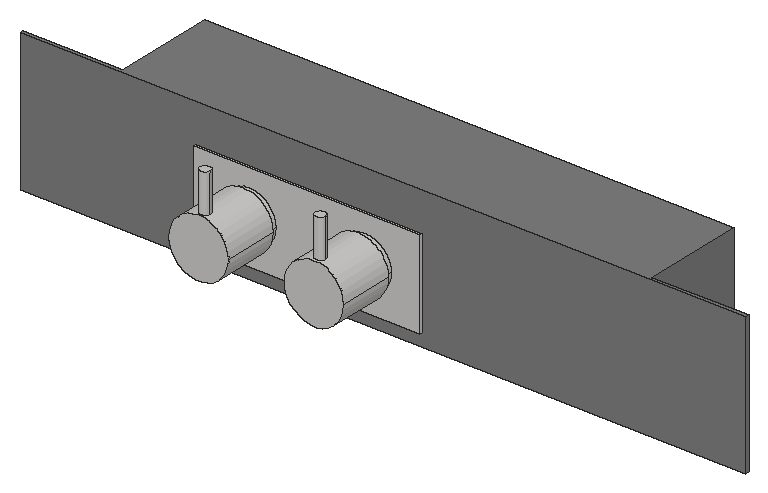
Revit family "702", category Plumbing Fixtures, Revit 2021
Family settings
  Round Connector Dimension = Use Diameter
  Part Type = Normal
  Work Plane-Based = No
  Always vertical = Yes
  Cut with Voids When Loaded = No
  Shared = No
  Room Calculation Point = No
Parameters
  e-mail = "info@vola.com"
  URL = "http://vola.com"
  Telephone = "+45 7023 5500"
  Quality management standard = "ISO 9001"
  Organisation no. / DUNS no. = "17531328"
  Occupational health and safety management standard = "ISO 18001"
  Mounting Instructions = "http://vola.com/service/producturl.ashx?name=702"
  Model = "702"
  Mixer Offset [instance] = 12.00 mm
  Mixer = yes
  Materials and components information = "http://vola.com/service/producturl.ashx?name=702"
  Manufacturer = "VOLA A/S"
  Maintenance Instructions = "http://vola.com/service/producturl.ashx?name=702"
  Guarantee = "2 years"
  Flow = "65,00 l/min"
  Environmental management standard = "ISO 14000"
  Default Elevation = 0.00 mm
  Connection - All relevant connections = "½\" for water connection"
  Approvals = "http://vola.com/service/producturl.ashx?name=702"
Reference planes
  plane 1 "Center (Front/Back)": y = 0
  plane 2: z = 0
  plane 3 "Center (Left/Right)": x = 0
  plane 4 "Mixer plane": y = 12
  plane 5 "Wall Surface": y = 0
Forms (mm)
  Extrusion 1, solid, material "Stainless Steel", visible <- "Mixer"
    sketch origin (55.5, 10, 0) x (0, 0, 1) y (-1, 0, 0)
      loop
        circle (0, 16.5) r 16.5
    from -2 to 10
  Extrusion 2, solid, material "Stainless Steel", visible <- "Mixer"
    sketch origin (-60, 10, 21) x (-1, 0, 0) y (0, 0, -1)
      loop
        circle (-21, 21) r 17.85
    from -2 to 10
Dimensions and locks
  "Mixer Offset": plane 4 "Mixer plane" to plane 1 "Center (Front/Back)"
  aligned and locked: plane 2 to level
  aligned and locked: nested 1 to nested 1
  aligned and locked: plane 1 "Center (Front/Back)" to Extrusion 2
  aligned and locked: plane 1 "Center (Front/Back)" to Extrusion 1
  aligned and locked: Extrusion 2 to plane 1 "Center (Front/Back)"
  aligned and locked: nested 3 to plane 4 "Mixer plane"
  aligned and locked: plane 4 "Mixer plane" to Extrusion 1
  aligned and locked: plane 4 "Mixer plane" to Extrusion 2
Automatic sketch dimensions
  Extrusion 1 sketch curve to Extrusion 1 sketch curve = 0.00 mm  (x2)
  Extrusion 1 sketch curve to level = 0.00 mm
  plane 3 "Center (Left/Right)" to Extrusion 1 sketch curve = 39.00 mm
  Extrusion 1 sketch curve to Extrusion 1 sketch curve = 16.50 mm
  Extrusion 2 sketch curve to Extrusion 2 sketch curve = 0.00 mm  (x2)
  Extrusion 2 sketch curve to level = 0.00 mm
  Extrusion 2 sketch curve to level = 17.85 mm
  Extrusion 2 sketch curve to plane 3 "Center (Left/Right)" = 39.00 mm
Nested families
  nested 1: "NR17" at (-39, -2, 0), type "NR17"
  nested 2: "NR17" at (39, -2, 0), type "NR17"
  nested 3: "700V" at (0, 83.5, -55), visible <- "Mixer", type "700V"
  nested 4: "002" at (0, -2, 0) x (-1, 0, 0) z (0, 1, 0), type "002"
Connectors
  piping at (-39, 60, -55), diameter 28
    settings: on nested 3, index 1, connector inside diameter 1.10236", connector length 0.00 mm, flow factor 0, pipe flow 0 GPM, pressure drop 0.00 psi, fitting loss kfactor 0, connector angle 0.00°, fixture units 0, engagement length 0.00 mm, angle of deflection 0.00°, flow configuration 0, flow direction 1, fitting loss method 0, system type 19, joint type 0, gender type 0, connector reference index -1, connector utility 0, adjustable connector no, is connector primary yes, connector description ""
  piping at (39, 60, -55), diameter 28
    settings: on nested 3, index 2, connector inside diameter 1.10236", connector length 0.00 mm, flow factor 0, pipe flow 0 GPM, pressure drop 0.00 psi, fitting loss kfactor 0, connector angle 0.00°, fixture units 0, engagement length 0.00 mm, angle of deflection 0.00°, flow configuration 0, flow direction 1, fitting loss method 0, system type 20, joint type 0, gender type 0, connector reference index -1, connector utility 0, adjustable connector no, is connector primary no, connector description ""
Definition of nested family "NR17"
  Parameters
    e-mail = "info@vola.com"
    URL = "http://vola.com"
    Telephone = "+45 7023 5500"
    Quality management standard = "ISO 9001"
    Organisation no. / DUNS no. = "17531328"
    Occupational health and safety management standard = "ISO 18001"
    Mounting Instructions = "http://vola.com/service/producturl.ashx?name=NR17"
    Model = "NR17"
    Materials and components information = "http://vola.com/service/producturl.ashx?name=NR17"
    Manufacturer = "VOLA A/S"
    Maintenance Instructions = "http://vola.com/service/producturl.ashx?name=NR17"
    Guarantee = "2 years"
    Environmental management standard = "ISO 14000"
    Default Elevation = 0.00 mm
    Connection - All relevant connections = ""
    Approvals = "http://vola.com/service/producturl.ashx?name=NR17"
  Reference planes
    plane 1 "Center (Front/Back)": y = 0
    plane 2: z = 0
    plane 3 "Center (Left/Right)": x = 0
  Forms (mm)
    Extrusion 1, solid
      sketch origin (0, 0, 0) x (1, 0, 0) y (0, 0, 1)
        loop
          circle (0, 0) r 20
      from 5 to 42.5
    Extrusion 2, solid
      sketch origin (0, -2.75, 0) x (0, -1, 0) y (1, 0, 0)
        loop
          circle (34.5, 0) r 3.5
      from 19 to 45.5
    Extrusion 3, solid
      sketch origin (0, 0, 0) x (1, 0, 0) y (0, 0, 1)
        loop
          circle (0, 0) r 18
      from 0 to 5
  Cuts and joins
    joined: Extrusion 1, Extrusion 2
  Dimensions and locks
    aligned and locked: plane 2 to level
Definition of nested family "700V"
  Parameters
    e-mail = "info@vola.com"
    URL = "http://vola.com"
    Telephone = "+45 7023 5500"
    Quality management standard = "ISO 9001"
    Organisation no. / DUNS no. = "17531328"
    Occupational health and safety management standard = "ISO 18001"
    Mounting Instructions = "http://vola.com/service/producturl.ashx?name=700V"
    Model = "700V"
    Materials and components information = "http://vola.com/service/producturl.ashx?name=700V"
    Manufacturer = "VOLA A/S"
    Maintenance Instructions = "http://vola.com/service/producturl.ashx?name=700V"
    Guarantee = "2 years"
    Flow = "65,00 l/min"
    Environmental management standard = "ISO 14000"
    Default Elevation = 0.00 mm
    Connection - All relevant connections = ""
    Approvals = "http://vola.com/service/producturl.ashx?name=700V"
  Reference planes
    plane 1 "Center (Front/Back)": y = 0
    plane 2: z = 0
    plane 3 "Center (Left/Right)": x = 0
    plane 4 "Inlet Center Plane": y = -23.5
    plane 5: z = 55
  Forms (mm)
    Extrusion 1, solid
      sketch origin (0, 0, -14) x (1, 0, 0) y (0, 1, 0)
        loop
          line (-137.5, 0) -> (-137.5, -69) -> (220.5, -69) -> (220.5, 0) -> (-137.5, 0)
      from 21.5 to 116.5
    Extrusion 2, solid
      sketch origin (51, 1.5, 7.5) x (0, 1, 0) y (1, 0, 0)
        loop
          circle (-25, -12) r 14
      from 0 to 7.5
    Extrusion 3, solid
      sketch origin (0, -1, -14) x (1, 0, 0) y (0, 1, 0)
        loop
          line (-205, -68) -> (-205, -70.5) -> (285.5, -70.5) -> (285.5, -68) -> (-205, -68)
      from 21.5 to 116.5
    Extrusion 4, solid
      sketch origin (-27, 1.5, 7.5) x (0, 1, 0) y (1, 0, 0)
        loop
          circle (-25, -12) r 14
      from 0 to 7.5
  Cuts and joins
    joined: Extrusion 1, Extrusion 3
  Lines and regions (mm)
    reference lines
      curve 1: line (-39, -23.5, 55) -> (-39, -108.5, 55)
      curve 2: line (39, -23.5, 55) -> (39, -108.5, 55)
      curve 3: line (39, -23.5, 55) -> (39, -23.5, -44)
      curve 4: line (-39, -23.5, 55) -> (-39, -23.5, -44)
  Dimensions and locks
    aligned and locked: plane 2 to level
    aligned and locked: plane 5 to curve 3
    aligned and locked: Extrusion 1 to Extrusion 3
    aligned and locked: Extrusion 3 to Extrusion 1
    aligned and locked: plane 5 to curve 4
Definition of nested family "002"
  Parameters
    e-mail = "info@vola.com"
    URL = "http://vola.com"
    Telephone = "+45 7023 5500"
    Quality management standard = "ISO 9001"
    Organisation no. / DUNS no. = "17531328"
    Occupational health and safety management standard = "ISO 18001"
    Mounting Instructions = "http://vola.com/service/producturl.ashx?name=002"
    Model = "002"
    Materials and components information = "http://vola.com/service/producturl.ashx?name=002"
    Manufacturer = "VOLA A/S"
    Maintenance Instructions = "http://vola.com/service/producturl.ashx?name=002"
    Guarantee = "2 years"
    Environmental management standard = "ISO 14000"
    Default Elevation = 1219.20 mm
    Connection - All relevant connections = ""
    Approvals = "http://vola.com/service/producturl.ashx?name=002"
  Reference planes
    plane 1 "Center (Front/Back)": y = 0
    plane 2: z = 0
    plane 3 "Center (Left/Right)": x = 0
  Forms (mm)
    Extrusion 1, solid
      sketch origin (0, 0, 0) x (1, 0, 0) y (0, 1, 0)
        loop
          line (-76.5, 30) -> (-76.5, -30) -> (76.5, -30) -> (76.5, 30) -> (-76.5, 30)
        loop
          circle (39, 0) r 16.5
        loop
          circle (-39, 0) r 16.5
      from 0 to 2
  Dimensions and locks
    aligned and locked: plane 2 to level
